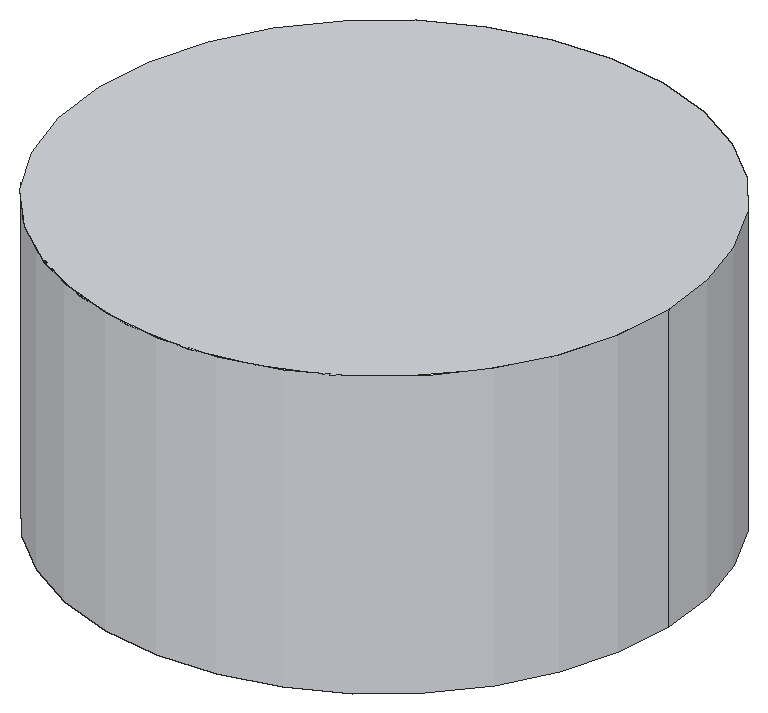
Revit family "ASF-10-C12", category Mechanical Equipment, Revit 2023
Family settings
  Round Connector Dimension = Use Diameter
  Classification = None
  Part Type = Normal
  OmniClass Number = 23.75.00.00
  OmniClass Title = Climate Control (HVAC)
  Work Plane-Based = No
  Always vertical = Yes
  Cut with Voids When Loaded = No
  Maintain Annotation Orientation = No
  Shared = No
  Room Calculation Point = No
Parameters (values of type "Standard")
  Volume = 0.0790127 CF
  Title = "Aura Solar Attic Fan - 10\" Diameter, 12\" Tall Collar"
  Subject = "ASF-10-C12"
  Requested Accuracy = "Low"
  Part Number = "ASF-10-C12"
  Mass = 13.5123 lbm
  Designer = "CAD Machine"
  Design State = 1
  Density = 171.014 lb/ft³
  Default Elevation = 0' - 0"
  Creation Date = "11/14/2022"
  Connector_1_Diameter = 0' - 9 3/4"
  Center of Gravity = "X: -0.033 in Y: -3.724 in Z: 0.020 in"
  Author = "CAD Machine"
  Area = 27.9769 SF
Reference planes (in)
  plane 1 "Center (Front/Back)": y = 0
  plane 2: z = 0
  plane 3 "Center (Left/Right)": x = 0
Forms (in)
  Extrusion 1, solid
    sketch origin (0, 0, -20.30799) x (1, 0, 0) y (0, 1, 0)
      loop
        circle (0, 0) r 0.12
    from 0 to -0.12
Dimensions and locks (in)
  aligned and locked: plane 2 to level
Connectors (in)
  hvac at (0, 0, -20.30799), driven by "Connector_1_Diameter"
    settings: on Extrusion 1, index 1, duct flow 0 CFM, flow factor 0, pres drop 0.00 in-wg, loss coef 0, conn angle 0.00°, conn width 12", conn height 12", conn diameter 9 3/4", duct sys type 3, conn prof type 0, flow config 1, flow direction 1, loss method 0, conn ref index -1, conn util no, is conn primary yes, conn desc ""
